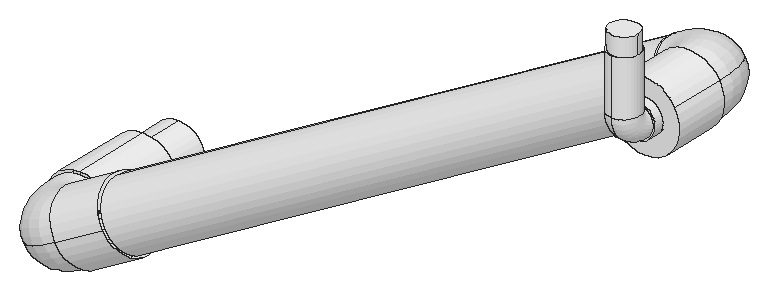
Revit family "TSJPRS Series - Swing Joints", category Acessórios do tubo, Revit 2020
Family settings
  Cota do conector redondo = Utilizar diâmetro
  Tipo de parte = Normal
  Número OmniClass = 23.60.30.11.14
  Título OmniClass = Pipework Fittings
  Com base no plano de trabalho = Não
  Sempre na vertical = Sim
  Corte com vazios quando carregada = Não
  Compartilhado = Sim
Parameters (values of type "TSJ100PRS")
  x = 11.765 mm
  SupportProjetos: Reviw Date = ""  # constant formula
  SupportProjetos: Reviw = "R00"  # constant formula
  SupportProjetos: Level of Detail = "LOD 300"  # constant formula
  SupportProjetos: Developed = "MICHEL SOARES MOTA"  # constant formula
  SupportProjetos: Creation Date = "18/08/2020"  # constant formula
  RainBird: Product Link = ""
  RainBird: Description = "TSJ-100-PRS - Swing Joints"
  RainBird: Comment = ""
  RainBird: Code = "A66755"
  Modelo = "TSJ100PRS"
  Descrição = RainBird: Description  # "TSJ-100-PRS - Swing Joints"
  Angle [instance] = 90.00° - Angle Swing Pipe  # 60.00°
  XY1 [instance] = 35 mm
  Raio Swing Pipe = 15 mm
  Material = Plastic White
  Lookup Table Name = "TABELA1"
  Elevação padrão = 0 mm
  Eixo Y1 [instance] = (cos(Angle)) * (Lenght Swing Pipe + 2 * (XY1 - 5 mm))  # 182.5 mm
  Eixo X1 [instance] = (sin(Angle)) * (Lenght Swing Pipe + 2 * (XY1 - 5 mm))  # 316.099 mm
  Lenght Swing Pipe = 305 mm
  Angle Swing Pipe [instance] = 30.00°
Types (4, lengths in mm): name | RainBird: Description | RainBird: Code | Modelo | Descrição
  (no name) | "TSJ-100-PRS - Swing Joints" | "A66755" | "TSJ100PRS" | "TSJ-100-PRS - Swing Joints"
  TSJ-12075 | "TSJ-12075 - Swing Joints" | "A66715" | "TSJ-12075" | "TSJ-12075 - Swing Joints"
  TSJ12 | "TSJ-12 - Swing Joints" | "A66705" | "TSJ-12" | "TSJ-12 - Swing Joints"
  TSJ100PRS | "TSJ-100-PRS - Swing Joints" | "A66755" | "TSJ100PRS" | "TSJ-100-PRS - Swing Joints"
Reference planes
  plane 1 "Centro (Frente/Trás)": y = 0
  plane 2: z = 0
  plane 3 "Centro (Esquerda/Direita)": x = 0
Forms (mm)
  Sweep 1, solid, material "Plastic White" <- "Material"
    path origin (0, 0, 0) x (1, 0, 0) y (0, 0, 1)
      loop
        line (30.311, 17.5) -> (294.449, 170)
    profile origin (162.38, 0, 93.75) x (-0.5, 0, 0.866025) y (0, -1, 0)
      loop
        circle (0, 50.359) r 15
  Revolve 2, solid, material "Plastic White" <- "Material"
    sketch origin (0, 0, 0) x (0, 1, 0) y (0, 0, 1)
      loop
        line (-25.359, 15.913) -> (-25.359, 0) -> (30.639, 0) -> (30.639, 12.114) -> (10.639, 12.114) -> (10.639, 15.913) -> (-25.359, 15.913)
      axis (-25.359, 0) -> (30.639, 0)
    angle from 0 to 360
Dimensions and locks
  "XY1": nested 1 to Sweep 1 sketch curve
  "Lenght Swing Pipe": Sweep 1 sketch curve to Sweep 1 sketch curve
  "Eixo Y1": level to nested 3
  "Eixo X1": nested 3 to plane 3 "Centro (Esquerda/Direita)"
  "Raio Swing Pipe": radius of Sweep 1 sketch curve
  "Angle": angle nested 1 to plane 3 "Centro (Esquerda/Direita)"
  "Angle": angle Sweep 1 sketch curve to plane 3 "Centro (Esquerda/Direita)"
  "Angle": angle nested 2 to plane 3 "Centro (Esquerda/Direita)"
  aligned and locked: level to plane 2
  aligned and locked: nested 1 to Sweep 1 sketch curve
  aligned and locked: nested 2 to Sweep 1
Automatic sketch dimensions
  Revolve 2 sketch curve to level = 0 mm  (x2)
  plane 1 "Centro (Frente/Trás)" to Revolve 2 sketch curve = 25.359 mm
  Revolve 2 sketch curve to plane 1 "Centro (Frente/Trás)" = 10.639 mm
  Revolve 2 sketch curve to Revolve 2 sketch curve = 20 mm
  level to Revolve 2 sketch curve = 12.114 mm
  Revolve 2 sketch curve to Revolve 2 sketch curve = 3.799 mm
  Revolve 2 sketch curve to Revolve 2 sketch curve = 0 mm
  Revolve 2 sketch curve to Revolve 2 sketch curve = 10.998 mm
  Sweep 1 sketch curve to profile plane = 0 mm
  plane 1 "Centro (Frente/Trás)" to Sweep 1 sketch curve = 50.359 mm
Nested families
  nested 1: "CURVA 90 2" at (0, -50.359, 0) x (0, -1, 0) z (-0.5, 0, 0.866), MATERIAL <- "Material", type "CURVA 90 2"
    with MATERIAL Plastic White, D1 25.4 mm
  nested 2: "CURVA 90 2" at (316.099, -50, 182.5) x (0.866, 0, 0.5) z (0.5, 0, -0.866), MATERIAL <- "Material", type "CURVA 90 2"
    with MATERIAL Plastic White, D1 25.4 mm
  nested 3: "CURVA 90 1" at (316.099, -111.697, 182.5) x (0, 0, -1) z (0, 1, 0), MATERIAL <- "Material", type "CURVA 90 1"
    with MATERIAL Plastic White
Connectors
  piping at (0, 10.639, 0), diameter 22
    settings: on Revolve 2, index 1, connector inside diameter 609.6 mm, connector length 0 mm, flow factor 0, pipe flow 0.0 L/s, pressure drop 0.0 Pa, fitting loss kfactor 0, connector angle 0.00°, fixture units 0, engagement length 0 mm, angle of deflection 0.00°, flow configuration 0, flow direction 0, fitting loss method 0, system type 28, joint type 0, gender type 0, connector reference index -1, connector utility 0, adjustable connector no, is connector primary yes, connector description ""
  piping at (316.099, -111.697, 215), diameter 12
    settings: on nested 3, index 2, connector inside diameter 609.6 mm, connector length 0 mm, flow factor 0, pipe flow 0.0 L/s, pressure drop 0.0 Pa, fitting loss kfactor 0, connector angle 0.00°, fixture units 0, engagement length 0 mm, angle of deflection 0.00°, flow configuration 0, flow direction 0, fitting loss method 0, system type 28, joint type 0, gender type 0, connector reference index -1, connector utility 0, adjustable connector no, is connector primary no, connector description ""
Definition of nested family "CURVA 90 2"
  Parameters (values of type "CURVA 90 2")
    MATERIAL [instance] = none
    Default Elevation = 0 mm
    D1 [instance] = 25.4 mm
  Reference planes
    plane 1 "Centro (Frente/Trás)": y = 0
    plane 2: z = 0
    plane 3 "Centro (Esquerda/Direita)": x = 0
  Forms (mm)
    Sweep 1, solid, material <- "MATERIAL"
      path origin (0, 0, 0) x (1, 0, 0) y (0, 1, 0)
        loop
          arc (0, 25) -> (-7.322, 7.322) -> (-25, 0) r 25
      profile origin (-7.322, 7.322, 0) x (0.707107, -0.707107, 0) y (0, 0, 1)
        loop
          circle (0, 0) r 15
    Extrusion 2, solid, material <- "MATERIAL"
      sketch origin (0, 0, 0) x (0, 1, 0) y (0, 0, 1)
        loop
          circle (0, 0) r 10
      from -25 to -50.359
    Sweep 3, solid, material <- "MATERIAL"
      path origin (0, 0, 0) x (1, 0, 0) y (0, 1, 0)
        loop
          line (0, 25) -> (0, 50)
      profile origin (0, 37.5, 0) x (-1, 0, 0) y (0, 0, 1)
        loop
          circle (0, 0) r 16
  Lines and regions (mm)
    reference lines
      curve 1: line (0, 0, 0) -> (-50.359, 0, 0)
      curve 2: line (0, 0, 0) -> (0, 61.697, 0)
      curve 3: arc (-2.5, 0, 0) -> (-0.732, 0.732, 0) -> (0, 2.5, 0) r 2.5
      curve 4: line (0, 0, 18.051) -> (0, 0, -18.395)
  Dimensions and locks
    aligned and locked: level to plane 2
Definition of nested family "CURVA 90 1"
  Parameters (values of type "CURVA 90 1")
    MATERIAL [instance] = none
    Default Elevation = 0 mm
  Reference planes
    plane 1 "Centro (Frente/Trás)": y = 0
    plane 2: z = 0
    plane 3 "Centro (Esquerda/Direita)": x = 0
  Forms (mm)
    Sweep 1, solid, material <- "MATERIAL"
      path origin (0, 0, 0) x (1, 0, 0) y (0, 0, 1)
        loop
          line (0, 30.667) -> (0, 7.5)
          arc (0, 7.5) -> (-2.197, 2.197) -> (-7.5, 0) r 7.5
          line (-7.5, 0) -> (-32.5, 0)
      profile origin (-2.197, 0, 2.197) x (0.707107, 0, -0.707107) y (0, -1, 0)
        loop
          circle (0, 0) r 7
    Extrusion 2, solid, material <- "MATERIAL"
      sketch origin (0, 0, 0) x (1, 0, 0) y (0, 1, 0)
        loop
          circle (0, 0) r 8
      from 7.5 to 30.667
    Sweep 3, solid, material <- "MATERIAL"
      path origin (-8.035, 0, 0) x (1, 0, 0) y (0, 0, 1)
        loop
          line (-7.5, 0) -> (-32.5, 0)
      profile origin (-28.035, 0, 0) x (0, 0, -1) y (0, -1, 0)
        loop
          circle (0, 0) r 6.35
  Cuts and joins
    joined: Sweep 1, Extrusion 2
  Lines and regions (mm)
    reference lines
      curve 1: line (0, 17.01, 0) -> (0, -15.98, 0)
  Dimensions and locks
    aligned and locked: level to plane 2
